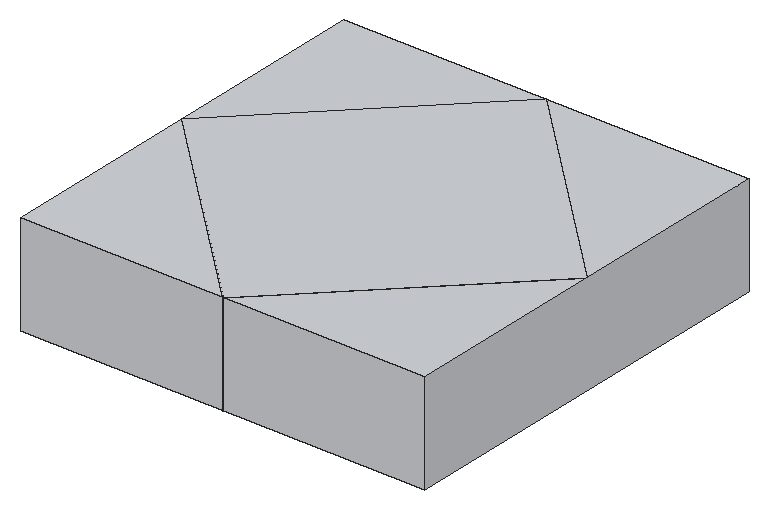
Revit family "電線管用ファミリ(片側のみ)_19", category Electrical Fixtures, Revit 2021
Family settings
  Maintain Annotation Orientation = Yes
  Round Connector Dimension = Use Diameter
  Part Type = Normal
  OmniClass Number = 23.80.00.00
  OmniClass Title = Electric Power and Lighting
  Work Plane-Based = No
  Always vertical = Yes
  Cut with Voids When Loaded = No
  Shared = No
  Room Calculation Point = No
Parameters
  コネクタ直径 [instance] = 16 mm
  W [instance] = 200 mm
  Default Elevation = 0 mm
  D [instance] = 200 mm
Reference planes
  plane 1 "Center (Front/Back)": y = 0
  plane 2: z = 0
  plane 3 "Center (Left/Right)": x = 0
  plane 4: x = -100
  plane 5: x = 100
  plane 6: y = 100
  plane 7: y = -100
  plane 8: z = 50
Forms (mm)
  Extrusion 1, solid
    sketch origin (0, 0, 0) x (1, 0, 0) y (0, 1, 0)
      loop
        line (-100, 100) -> (-100, -100) -> (100, -100) -> (100, 100) -> (-100, 100)
    from 0 to 50
  Extrusion 2, solid
    sketch origin (0, 0, 0) x (1, 0, 0) y (0, 1, 0)
      loop
        line (-100, 0) -> (0, -100) -> (100, 0) -> (0, 100) -> (-100, 0)
    from 0 to 50
Dimensions and locks
  equal spacing: plane 4, plane 3 "Center (Left/Right)", plane 5
  "W": plane 4 to plane 5
  equal spacing: plane 6, plane 1 "Center (Front/Back)", plane 7
  "D": plane 6 to plane 7
  aligned and locked: level to plane 2
  aligned and locked: Extrusion 1 sketch curve to plane 6
  aligned and locked: plane 4 to Extrusion 1 sketch curve
  aligned and locked: plane 7 to Extrusion 1 sketch curve
  aligned and locked: Extrusion 1 sketch curve to plane 5
  aligned and locked: plane 8 to Extrusion 1
  aligned and locked: plane 8 to Extrusion 2
Automatic sketch dimensions
  Extrusion 2 sketch curve to plane 4 = 0 mm
  plane 1 "Center (Front/Back)" to Extrusion 2 sketch curve = 0 mm
  Extrusion 2 sketch curve to plane 3 "Center (Left/Right)" = 0 mm
  Extrusion 2 sketch curve to plane 5 = 0 mm
  Extrusion 2 sketch curve to plane 7 = 0 mm
Connectors
  cabletrayconduit at (0, 0, 50), diameter 16
    settings: on Extrusion 1, index 1, connector width 300 mm, connector height 300 mm, connector angle 0.00°, system type 32, placement type 0, profile type 0, connector reference index -1, is primary connector yes, connector utility param no, connector description ""
